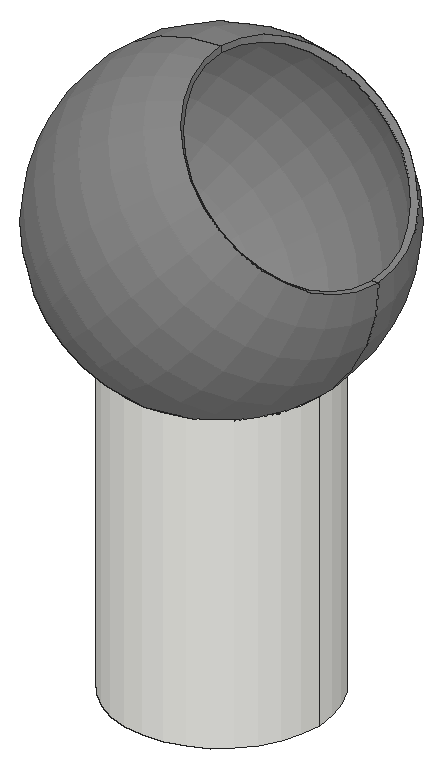
Revit family "a8e567b32ed5468c8443c6a61807e42f", category Lighting Fixtures, Revit 2021
Family settings
  Round Connector Dimension = Use Diameter
  Part Type = Normal
  OmniClass Number = 23.80.70.14.17
  OmniClass Title = Exterior Spotlights
  Seek Item ID = Spot Light - Exterior-0000-USA-ENU
  Work Plane-Based = No
  Always vertical = Yes
  Cut with Voids When Loaded = No
  Light Source = Yes
  Shared = No
  Room Calculation Point = No
Parameters (values of type "175W Metal Halide - 120V")
  Wattage = 175 W
  built-in parameter 1150110 = 1 (stored number, unit not read)
  built-in parameter 1114217 = 1 (stored number, unit not read)
  built-in parameter 1150109 = 1 (stored number, unit not read)
  built-in parameter 1150134 = 12
  built-in parameter 1150113 = 1 (stored number, unit not read)
  Tilt Angle = -120.00°
  Photometric Web File = "SLE1BT28.IES"
  built-in parameter 1150115 = 1 (stored number, unit not read)
  built-in parameter 1150105 = 1018.6 (stored number, unit not read)
  Load Classification = Lighting - Exterior
  built-in parameter 1150137 = 1
  built-in parameter 1150139 = (empty or 0)
  built-in parameter 1150112 = 1 (stored number, unit not read)
  built-in parameter 1150114 = 1 (stored number, unit not read)
  built-in parameter 1150132 = (empty or 0)
  built-in parameter 1150102 = (empty or 0)
  built-in parameter 1150138 = (empty or 0)
  built-in parameter 1150107 = 4000 (stored number, unit not read)
  built-in parameter 1150106 = 10.186 (stored number, unit not read)
  built-in parameter 1150104 = 6.7949 (stored number, unit not read)
  Dimming Lamp Color Temperature Shift = <None>
  Default Elevation = 0' - 0"
  Color Filter = 16777215
  Ballast Voltage = 120 V
  Ballast Number of Poles = 1
  built-in parameter 1114218 = 1 (stored number, unit not read)
  built-in parameter 1150133 = 10 (stored number, unit not read)
  Assembly Code = "D5020230"
  Lamp = "BT-28"
  Lumens = 12799.5 lm
  Shade = Steel, Paint Finish, Dark Gray, Matte
  Stand = Steel, Paint Finish, Ivory, Glossy
  Wattage Comments = "175"
  Apparent Load = 175 VA
Types (5): name | Wattage | built-in parameter 1150134 | Photometric Web File | built-in parameter 1150105 | built-in parameter 1150107 | built-in parameter 1150106 | built-in parameter 1150104 | Ballast Voltage | Lamp | Lumens | Shade | Wattage Comments | Apparent Load
  (no name) | 175 W | 12 | "SLE1BT28.IES" | 1018.6 (stored number, unit not read) | 4000 (stored number, unit not read) | 10.186 (stored number, unit not read) | 6.7949 (stored number, unit not read) | 120 V | "BT-28" | 12799.5 lm | Steel, Paint Finish, Dark Gray, Matte | "175" | 175 VA
  300W Incandescent - 120V | 300 W | 4 | "SLE1PS30.IES" | 486.3 (stored number, unit not read) | 2800 (stored number, unit not read) | 4.863 (stored number, unit not read) | 1.8924 (stored number, unit not read) | 120 V | "PS-30" | 6111 lm | Steel, Paint Finish, Ivory, Glossy | "300" | 300 VA
  175W Metal Halide - 120V | 175 W | 12 | "SLE1BT28.IES" | 1018.6 (stored number, unit not read) | 4000 (stored number, unit not read) | 10.186 (stored number, unit not read) | 6.7949 (stored number, unit not read) | 120 V | "BT-28" | 12799.5 lm | Steel, Paint Finish, Dark Gray, Matte | "175" | 175 VA
  175W Metal Halide - 277V | 175 W | 12 | "SLE1BT28.IES" | 1018.6 (stored number, unit not read) | 4000 (stored number, unit not read) | 10.186 (stored number, unit not read) | 6.7949 (stored number, unit not read) | 277 V | "BT-28" | 12799.5 lm | Steel, Paint Finish, Dark Gray, Matte | "175" | 175 VA
  300W Incandescent - 277V | 300 W | 4 | "SLE1PS30.IES" | 486.3 (stored number, unit not read) | 2800 (stored number, unit not read) | 4.863 (stored number, unit not read) | 1.8924 (stored number, unit not read) | 277 V | "PS-30" | 6111 lm | Steel, Paint Finish, Ivory, Glossy | "300" | 300 VA
Reference planes (in)
  plane 1 "Light Source Axis": y = 0
  plane 2: z = 0
  plane 3 "Light Source Axis": x = 0
  plane 4 "Light Source Elevation": z = 17
Forms (in)
  Extrusion 1, solid, material "Steel, Paint Finish, Ivory, Glossy" <- "Stand"
    sketch origin (0, 0, 0) x (1, 0, 0) y (0, 1, 0)
      loop
        circle (0, 0) r 4
      loop
        circle (0, 0) r 3
    from 0 to 12
  Revolve 2, solid, material "Steel, Paint Finish, Dark Gray, Matte" <- "Shade"
    sketch origin (0, 0, 0) x (1, 0, 0) y (0, 0, 1)
      loop
        arc (0, 23.40312) -> (-5.91572, 19.45037) -> (-4.52769, 12.47231) r 6.40312
        line (-4.52769, 12.47231) -> (-4.35092, 12.64908)
        arc (-4.35092, 12.64908) -> (-5.68475, 19.3547) -> (0, 23.15312) r 6.15312
        line (0, 23.15312) -> (0, 23.40312)
      axis (-4.52769, 12.47231) -> (3.20156, 20.20156)
    angle from 0 to 360
Lines and regions (in)
  symbolic lines
    curve 1: arc (6.44116, 0, 0) -> (0, 6.44116, 0) -> (-6.44116, 0, 0) r 6.44116
    curve 2: arc (-6.44116, 0, 0) -> (0, -6.44116, 0) -> (6.44116, 0, 0) r 6.44116
    curve 3: line (0, 1.05008, 0) -> (7.88285, 5.60125, 0)
    curve 4: line (0, -0.86665, 0) -> (7.83458, -5.38994, 0)
    curve 5: line (0, 1.05008, 0) -> (0, -0.86665, 0)
    curve 6: arc (7.88285, 5.60125, 0) -> (9.81218, 0.09707, 0) -> (7.83458, -5.38994, 0) r 8.70707
Dimensions and locks (in)
  aligned and locked: plane 3 "Light Source Axis" to imposter light
  aligned and locked: plane 1 "Light Source Axis" to imposter light
  aligned and locked: plane 4 "Light Source Elevation" to imposter light
Connectors (in)
  electrical at (0, 0, 12), driven by "Apparent Load", driven by "Ballast Voltage", driven by "Ballast Number of Poles", driven by "Load Classification"
    settings: on Extrusion 1, index 1, voltage 120 V, apparent load 0 VA, apparent load phase1 175 VA, apparent load phase2 0 VA, apparent load phase3 0 VA, power factor 0.95, load classification "Lighting - Exterior", number of poles 1, system type 31, power factor state 1, is connector primary yes, connector utility no, sub classification motor no, connector description ""
